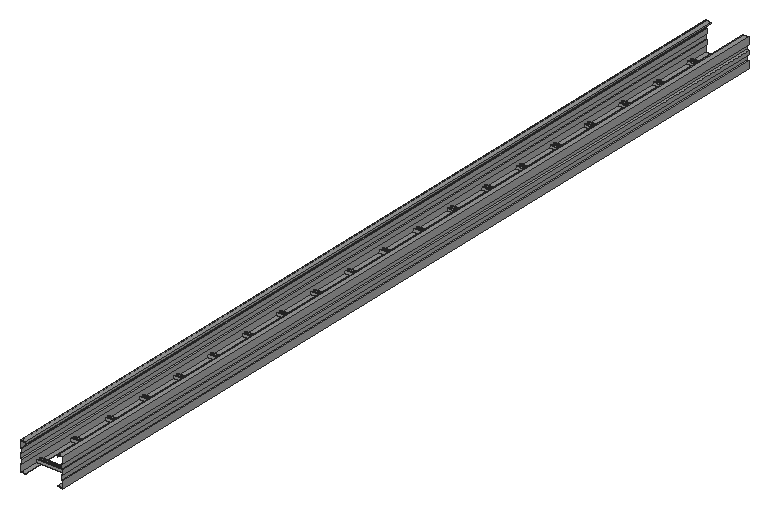
Revit family "Weitspannkabelleiter - WKL 2030 FT", category Generic Models, Revit 2017
Family settings
  Can host rebar = No
  Round Connector Dimension = Use Diameter
  Part Type = Normal
  Work Plane-Based = No
  Always vertical = Yes
  Cut with Voids When Loaded = No
  Shared = No
  Room Calculation Point = No
Parameters (values of type "WKL 2030 FT")
  Width = 300 mm
  URL = "http://www.obo-bettermann.com"
  Material = hot dip galvanised
  Manufacturer Art.No. = "6232104"
  Manufacturer = "OBO BETTERMANN"
  Length = 6000 mm
  GTIN = "4012196614851"
  Cut's number 2 = 19
  Cut's number = 2
  Article Type = "WKL 2030 FT"
Reference planes
  plane 1 "Center (Front/Back)": y = 0
  plane 2: z = 0
  plane 3 "Center (Left/Right)": x = 0
  plane 4: z = 200
  plane 5: z = 46.5
  plane 6: z = 85.8
  plane 7: z = 114.4
  plane 8: z = 153.7
  plane 9: x = 12.5
  plane 10: z = 85.8
  plane 11: z = 120.174
  plane 12: z = 147.926
  plane 13: y = 6000
  plane 14: x = 300
  plane 15: x = 287.5
  plane 16: z = 46.5
  plane 17: z = 85.8
  plane 18: z = 120.174
  plane 19: z = 147.926
  plane 20: z = 200
  plane 21: z = 80.026
  plane 22: z = 52.274
  plane 23: z = 153.7
  plane 24: x = 300
  plane 25: y = 150
  plane 26: y = 450
  plane 27: y = 132.5
  plane 28: y = 167.5
  plane 29: z = 20.5
  plane 30: y = 165.25
  plane 31: y = 134.75
  plane 32: y = 158.25
  plane 33: y = 141.75
  plane 34: y = 450
  plane 35: y = 750
  plane 36: y = 432.5
  plane 37: y = 467.5
  plane 38: z = 20.5
  plane 39: y = 465.25
  plane 40: y = 434.75
  plane 41: y = 458.25
  plane 42: y = 441.75
  plane 43: y = 750
  plane 44: y = 1050
  plane 45: y = 732.5
  plane 46: y = 767.5
  plane 47: z = 20.5
  plane 48: y = 765.25
  plane 49: y = 734.75
  plane 50: y = 758.25
  plane 51: y = 741.75
  plane 52: y = 1050
  plane 53: y = 1350
  plane 54: y = 1032.5
  plane 55: y = 1067.5
  plane 56: z = 20.5
  plane 57: y = 1065.25
  plane 58: y = 1034.75
  plane 59: y = 1058.25
  plane 60: y = 1041.75
  plane 61: y = 1350
  plane 62: y = 1650
  plane 63: y = 1332.5
  plane 64: y = 1367.5
  plane 65: z = 20.5
  plane 66: y = 1365.25
  plane 67: y = 1334.75
  plane 68: y = 1358.25
  plane 69: y = 1341.75
  plane 70: y = 1650
  plane 71: y = 1950
  plane 72: y = 1632.5
  plane 73: y = 1667.5
  plane 74: z = 20.5
  plane 75: y = 1665.25
  plane 76: y = 1634.75
  plane 77: y = 1658.25
  plane 78: y = 1641.75
  plane 79: y = 1950
  plane 80: y = 2250
  plane 81: y = 1932.5
  plane 82: y = 1967.5
  plane 83: z = 20.5
  plane 84: y = 1965.25
  plane 85: y = 1934.75
  plane 86: y = 1958.25
  plane 87: y = 1941.75
  plane 88: y = 2250
  plane 89: y = 2550
  plane 90: y = 2232.5
  plane 91: y = 2267.5
  plane 92: z = 20.5
  plane 93: y = 2265.25
  plane 94: y = 2234.75
  plane 95: y = 2258.25
  plane 96: y = 2241.75
  plane 97: y = 2550
  plane 98: y = 2850
  plane 99: y = 2532.5
  plane 100: y = 2567.5
  plane 101: z = 20.5
  plane 102: y = 2565.25
  plane 103: y = 2534.75
  plane 104: y = 2558.25
  plane 105: y = 2541.75
  plane 106: y = 2850
  plane 107: y = 3150
  plane 108: y = 2832.5
  plane 109: y = 2867.5
  plane 110: z = 20.5
  plane 111: y = 2865.25
  plane 112: y = 2834.75
  plane 113: y = 2858.25
  plane 114: y = 2841.75
  plane 115: y = 3150
  plane 116: y = 3450
  plane 117: y = 3132.5
  plane 118: y = 3167.5
  plane 119: z = 20.5
  plane 120: y = 3165.25
  plane 121: y = 3134.75
  plane 122: y = 3158.25
  plane 123: y = 3141.75
  plane 124: y = 3450
  plane 125: y = 3750
  plane 126: y = 3432.5
  plane 127: y = 3467.5
  plane 128: z = 20.5
  plane 129: y = 3465.25
  plane 130: y = 3434.75
  plane 131: y = 3458.25
  plane 132: y = 3441.75
  plane 133: y = 3750
  plane 134: y = 4050
  plane 135: y = 3732.5
  plane 136: y = 3767.5
  plane 137: z = 20.5
  plane 138: y = 3765.25
  plane 139: y = 3734.75
  plane 140: y = 3758.25
  plane 141: y = 3741.75
  plane 142: y = 4050
  plane 143: y = 4350
  plane 144: y = 4032.5
  plane 145: y = 4067.5
  plane 146: z = 20.5
  plane 147: y = 4065.25
  plane 148: y = 4034.75
  plane 149: y = 4058.25
  plane 150: y = 4041.75
  plane 151: y = 4350
  plane 152: y = 4650
  plane 153: y = 4332.5
  plane 154: y = 4367.5
  plane 155: z = 20.5
  plane 156: y = 4365.25
  plane 157: y = 4334.75
  plane 158: y = 4358.25
  plane 159: y = 4341.75
  plane 160: y = 4650
  plane 161: y = 4950
  plane 162: y = 4632.5
  plane 163: y = 4667.5
  plane 164: z = 20.5
  plane 165: y = 4665.25
  plane 166: y = 4634.75
  plane 167: y = 4658.25
  plane 168: y = 4641.75
  plane 169: y = 4950
  plane 170: y = 5250
  plane 171: y = 4932.5
  plane 172: y = 4967.5
  plane 173: z = 20.5
  plane 174: y = 4965.25
  plane 175: y = 4934.75
  plane 176: y = 4958.25
  plane 177: y = 4941.75
  plane 178: y = 5250
  plane 179: y = 5550
  plane 180: y = 5232.5
  plane 181: y = 5267.5
  plane 182: z = 20.5
  plane 183: y = 5265.25
  plane 184: y = 5234.75
  plane 185: y = 5258.25
  plane 186: y = 5241.75
  plane 187: y = 5550
  plane 188: y = 5850
  plane 189: y = 5532.5
  plane 190: y = 5567.5
  plane 191: z = 20.5
  plane 192: y = 5565.25
  plane 193: y = 5534.75
  plane 194: y = 5558.25
  plane 195: y = 5541.75
  plane 196: y = 5850
  plane 197: y = 6150
  plane 198: y = 5832.5
  plane 199: y = 5867.5
  plane 200: z = 20.5
  plane 201: y = 5865.25
  plane 202: y = 5834.75
  plane 203: y = 5858.25
  plane 204: y = 5841.75
Forms (mm)
  Extrusion 1, solid, material "hot dip galvanised" <- "Material"
    sketch origin (0, 0, 0) x (1, 0, 0) y (0, 0, 1)
      loop
        line (0, 0) -> (40, 0) -> (40, 2.5) -> (2.5, 2.5) -> (2.5, 46.5) -> (12.5, 52.274) -> (12.5, 80.026) -> (2.5, 85.8) -> (2.5, 114.4) -> (12.5, 120.174) -> (12.5, 147.926) -> (2.5, 153.7) -> (2.5, 197.5) -> (37.5, 197.5) -> (37.5, 188.529) -> (40, 188.529) -> (40, 200) -> (0, 200) -> (0, 152.257) -> (10, 146.483) -> (10, 121.617) -> (0, 115.843) -> (0, 84.357) -> (10, 78.583) -> (10, 53.717) -> (0, 47.943) -> (0, 0)
      loop
        line (300, 0) -> (300, 47.655) -> (289.5, 53.717) -> (289.5, 78.493) -> (300, 84.555) -> (300, 115.266) -> (289.5, 121.328) -> (289.5, 146.772) -> (300, 152.834) -> (300, 200) -> (260, 200) -> (260, 188.515) -> (262, 188.515) -> (262, 198) -> (298, 198) -> (298, 153.989) -> (287.5, 147.926) -> (287.5, 120.174) -> (298, 114.111) -> (298, 85.71) -> (287.5, 79.648) -> (287.5, 52.562) -> (298, 46.5) -> (298, 2) -> (260, 2) -> (260, 0) -> (300, 0)
    from 0 to -6000
  Extrusion 2, solid, material "hot dip galvanised" <- "Material"
    sketch origin (0, 0, 0) x (0, 1, 0) y (0, 0, 1)
      loop
        line (132.5, 2.5) -> (167.5, 2.5) -> (165.25, 20.5) -> (158.25, 20.5) -> (158.25, 18.5) -> (163.484, 18.5) -> (165.234, 4.5) -> (134.766, 4.5) -> (136.516, 18.5) -> (141.75, 18.5) -> (141.75, 20.5) -> (134.75, 20.5) -> (132.5, 2.5)
    from 2.5 to 298
  Extrusion 3, solid, material "hot dip galvanised" <- "Material"
    sketch origin (0, 300, 0) x (0, 1, 0) y (0, 0, 1)
      loop
        line (132.5, 2.5) -> (167.5, 2.5) -> (165.25, 20.5) -> (158.25, 20.5) -> (158.25, 18.5) -> (163.484, 18.5) -> (165.234, 4.5) -> (134.766, 4.5) -> (136.516, 18.5) -> (141.75, 18.5) -> (141.75, 20.5) -> (134.75, 20.5) -> (132.5, 2.5)
    from 2.5 to 298
  Extrusion 4, solid, material "hot dip galvanised" <- "Material"
    sketch origin (0, 600, 0) x (0, 1, 0) y (0, 0, 1)
      loop
        line (132.5, 2.5) -> (167.5, 2.5) -> (165.25, 20.5) -> (158.25, 20.5) -> (158.25, 18.5) -> (163.484, 18.5) -> (165.234, 4.5) -> (134.766, 4.5) -> (136.516, 18.5) -> (141.75, 18.5) -> (141.75, 20.5) -> (134.75, 20.5) -> (132.5, 2.5)
    from 2.5 to 298
  Extrusion 5, solid, material "hot dip galvanised" <- "Material"
    sketch origin (0, 900, 0) x (0, 1, 0) y (0, 0, 1)
      loop
        line (132.5, 2.5) -> (167.5, 2.5) -> (165.25, 20.5) -> (158.25, 20.5) -> (158.25, 18.5) -> (163.484, 18.5) -> (165.234, 4.5) -> (134.766, 4.5) -> (136.516, 18.5) -> (141.75, 18.5) -> (141.75, 20.5) -> (134.75, 20.5) -> (132.5, 2.5)
    from 2.5 to 298
  Extrusion 6, solid, material "hot dip galvanised" <- "Material"
    sketch origin (0, 1200, 0) x (0, 1, 0) y (0, 0, 1)
      loop
        line (132.5, 2.5) -> (167.5, 2.5) -> (165.25, 20.5) -> (158.25, 20.5) -> (158.25, 18.5) -> (163.484, 18.5) -> (165.234, 4.5) -> (134.766, 4.5) -> (136.516, 18.5) -> (141.75, 18.5) -> (141.75, 20.5) -> (134.75, 20.5) -> (132.5, 2.5)
    from 2.5 to 298
  Extrusion 7, solid, material "hot dip galvanised" <- "Material"
    sketch origin (0, 1500, 0) x (0, 1, 0) y (0, 0, 1)
      loop
        line (132.5, 2.5) -> (167.5, 2.5) -> (165.25, 20.5) -> (158.25, 20.5) -> (158.25, 18.5) -> (163.484, 18.5) -> (165.234, 4.5) -> (134.766, 4.5) -> (136.516, 18.5) -> (141.75, 18.5) -> (141.75, 20.5) -> (134.75, 20.5) -> (132.5, 2.5)
    from 2.5 to 298
  Extrusion 8, solid, material "hot dip galvanised" <- "Material"
    sketch origin (0, 1800, 0) x (0, 1, 0) y (0, 0, 1)
      loop
        line (132.5, 2.5) -> (167.5, 2.5) -> (165.25, 20.5) -> (158.25, 20.5) -> (158.25, 18.5) -> (163.484, 18.5) -> (165.234, 4.5) -> (134.766, 4.5) -> (136.516, 18.5) -> (141.75, 18.5) -> (141.75, 20.5) -> (134.75, 20.5) -> (132.5, 2.5)
    from 2.5 to 298
  Extrusion 9, solid, material "hot dip galvanised"
    sketch origin (0, 2100, 0) x (0, 1, 0) y (0, 0, 1)
      loop
        line (132.5, 2.5) -> (167.5, 2.5) -> (165.25, 20.5) -> (158.25, 20.5) -> (158.25, 18.5) -> (163.484, 18.5) -> (165.234, 4.5) -> (134.766, 4.5) -> (136.516, 18.5) -> (141.75, 18.5) -> (141.75, 20.5) -> (134.75, 20.5) -> (132.5, 2.5)
    from 2.5 to 298
  Extrusion 10, solid, material "hot dip galvanised" <- "Material"
    sketch origin (0, 2400, 0) x (0, 1, 0) y (0, 0, 1)
      loop
        line (132.5, 2.5) -> (167.5, 2.5) -> (165.25, 20.5) -> (158.25, 20.5) -> (158.25, 18.5) -> (163.484, 18.5) -> (165.234, 4.5) -> (134.766, 4.5) -> (136.516, 18.5) -> (141.75, 18.5) -> (141.75, 20.5) -> (134.75, 20.5) -> (132.5, 2.5)
    from 2.5 to 298
  Extrusion 11, solid, material "hot dip galvanised" <- "Material"
    sketch origin (0, 2700, 0) x (0, 1, 0) y (0, 0, 1)
      loop
        line (132.5, 2.5) -> (167.5, 2.5) -> (165.25, 20.5) -> (158.25, 20.5) -> (158.25, 18.5) -> (163.484, 18.5) -> (165.234, 4.5) -> (134.766, 4.5) -> (136.516, 18.5) -> (141.75, 18.5) -> (141.75, 20.5) -> (134.75, 20.5) -> (132.5, 2.5)
    from 2.5 to 298
  Extrusion 12, solid, material "hot dip galvanised" <- "Material"
    sketch origin (0, 3000, 0) x (0, 1, 0) y (0, 0, 1)
      loop
        line (132.5, 2.5) -> (167.5, 2.5) -> (165.25, 20.5) -> (158.25, 20.5) -> (158.25, 18.5) -> (163.484, 18.5) -> (165.234, 4.5) -> (134.766, 4.5) -> (136.516, 18.5) -> (141.75, 18.5) -> (141.75, 20.5) -> (134.75, 20.5) -> (132.5, 2.5)
    from 2.5 to 298
  Extrusion 13, solid, material "hot dip galvanised" <- "Material"
    sketch origin (0, 3300, 0) x (0, 1, 0) y (0, 0, 1)
      loop
        line (132.5, 2.5) -> (167.5, 2.5) -> (165.25, 20.5) -> (158.25, 20.5) -> (158.25, 18.5) -> (163.484, 18.5) -> (165.234, 4.5) -> (134.766, 4.5) -> (136.516, 18.5) -> (141.75, 18.5) -> (141.75, 20.5) -> (134.75, 20.5) -> (132.5, 2.5)
    from 2.5 to 298
  Extrusion 14, solid, material "hot dip galvanised" <- "Material"
    sketch origin (0, 3600, 0) x (0, 1, 0) y (0, 0, 1)
      loop
        line (132.5, 2.5) -> (167.5, 2.5) -> (165.25, 20.5) -> (158.25, 20.5) -> (158.25, 18.5) -> (163.484, 18.5) -> (165.234, 4.5) -> (134.766, 4.5) -> (136.516, 18.5) -> (141.75, 18.5) -> (141.75, 20.5) -> (134.75, 20.5) -> (132.5, 2.5)
    from 2.5 to 298
  Extrusion 15, solid, material "hot dip galvanised" <- "Material"
    sketch origin (0, 3900, 0) x (0, 1, 0) y (0, 0, 1)
      loop
        line (132.5, 2.5) -> (167.5, 2.5) -> (165.25, 20.5) -> (158.25, 20.5) -> (158.25, 18.5) -> (163.484, 18.5) -> (165.234, 4.5) -> (134.766, 4.5) -> (136.516, 18.5) -> (141.75, 18.5) -> (141.75, 20.5) -> (134.75, 20.5) -> (132.5, 2.5)
    from 2.5 to 298
  Extrusion 16, solid, material "hot dip galvanised" <- "Material"
    sketch origin (0, 4200, 0) x (0, 1, 0) y (0, 0, 1)
      loop
        line (132.5, 2.5) -> (167.5, 2.5) -> (165.25, 20.5) -> (158.25, 20.5) -> (158.25, 18.5) -> (163.484, 18.5) -> (165.234, 4.5) -> (134.766, 4.5) -> (136.516, 18.5) -> (141.75, 18.5) -> (141.75, 20.5) -> (134.75, 20.5) -> (132.5, 2.5)
    from 2.5 to 298
  Extrusion 17, solid, material "hot dip galvanised" <- "Material"
    sketch origin (0, 4500, 0) x (0, 1, 0) y (0, 0, 1)
      loop
        line (132.5, 2.5) -> (167.5, 2.5) -> (165.25, 20.5) -> (158.25, 20.5) -> (158.25, 18.5) -> (163.484, 18.5) -> (165.234, 4.5) -> (134.766, 4.5) -> (136.516, 18.5) -> (141.75, 18.5) -> (141.75, 20.5) -> (134.75, 20.5) -> (132.5, 2.5)
    from 2.5 to 298
  Extrusion 18, solid, material "hot dip galvanised" <- "Material"
    sketch origin (0, 4800, 0) x (0, 1, 0) y (0, 0, 1)
      loop
        line (132.5, 2.5) -> (167.5, 2.5) -> (165.25, 20.5) -> (158.25, 20.5) -> (158.25, 18.5) -> (163.484, 18.5) -> (165.234, 4.5) -> (134.766, 4.5) -> (136.516, 18.5) -> (141.75, 18.5) -> (141.75, 20.5) -> (134.75, 20.5) -> (132.5, 2.5)
    from 2.5 to 298
  Extrusion 19, solid, material "hot dip galvanised" <- "Material"
    sketch origin (0, 5100, 0) x (0, 1, 0) y (0, 0, 1)
      loop
        line (132.5, 2.5) -> (167.5, 2.5) -> (165.25, 20.5) -> (158.25, 20.5) -> (158.25, 18.5) -> (163.484, 18.5) -> (165.234, 4.5) -> (134.766, 4.5) -> (136.516, 18.5) -> (141.75, 18.5) -> (141.75, 20.5) -> (134.75, 20.5) -> (132.5, 2.5)
    from 2.5 to 298
  Extrusion 20, solid, material "hot dip galvanised" <- "Material"
    sketch origin (0, 5400, 0) x (0, 1, 0) y (0, 0, 1)
      loop
        line (132.5, 2.5) -> (167.5, 2.5) -> (165.25, 20.5) -> (158.25, 20.5) -> (158.25, 18.5) -> (163.484, 18.5) -> (165.234, 4.5) -> (134.766, 4.5) -> (136.516, 18.5) -> (141.75, 18.5) -> (141.75, 20.5) -> (134.75, 20.5) -> (132.5, 2.5)
    from 2.5 to 298
  Extrusion 21, solid, material "hot dip galvanised" <- "Material"
    sketch origin (0, 5700, 0) x (0, 1, 0) y (0, 0, 1)
      loop
        line (132.5, 2.5) -> (167.5, 2.5) -> (165.25, 20.5) -> (158.25, 20.5) -> (158.25, 18.5) -> (163.484, 18.5) -> (165.234, 4.5) -> (134.766, 4.5) -> (136.516, 18.5) -> (141.75, 18.5) -> (141.75, 20.5) -> (134.75, 20.5) -> (132.5, 2.5)
    from 2.5 to 298
Dimensions and locks
  locked: plane 5 to level at 46.5
  locked: plane 6 to plane 5 at 39.3
  locked: plane 7 to plane 6 at 28.6
  locked: plane 8 to plane 7 at 39.3
  locked: plane 4 to plane 8 at 46.3
  locked: plane 9 to plane 3 "Center (Left/Right)" at 12.5
  locked: Extrusion 1 sketch curve to Extrusion 1 sketch curve at 40  (x3)
  locked: Extrusion 1 sketch curve to Extrusion 1 sketch curve at 200  (x2)
  locked: Extrusion 1 sketch curve to Extrusion 1 sketch curve at 47.743
  locked: Extrusion 1 sketch curve to Extrusion 1 sketch curve at 31.487
  locked: Extrusion 1 sketch curve to Extrusion 1 sketch curve at 47.943
  locked: Extrusion 1 sketch curve to Extrusion 1 sketch curve at 11.471
  "Length": plane 1 "Center (Front/Back)" to plane 13
  locked: plane 14 to Extrusion 1 sketch curve at 300
  locked: plane 14 to plane 15 at 12.5
  locked: Extrusion 1 sketch curve to Extrusion 1 sketch curve at 275  (x2)
  locked: Extrusion 1 sketch curve to Extrusion 1 sketch curve at 295.5
  Extrusion 1 sketch curve to Extrusion 1 sketch curve = 300 mm
  locked: Extrusion 1 sketch curve to Extrusion 1 sketch curve at 300  (x2)
  Extrusion 1 sketch curve to Extrusion 1 sketch curve = 275 mm
  locked: Extrusion 1 sketch curve to Extrusion 1 sketch curve at 2  (x2)
  locked: plane 14 to Extrusion 1 sketch curve at 12.5  (x2)
  "Width": plane 24 to plane 3 "Center (Left/Right)"
  plane 27 to plane 28 = 35 mm
  Extrusion 2 sketch curve to Extrusion 2 sketch curve = 16.5 mm
  locked: Extrusion 2 sketch curve to Extrusion 2 sketch curve at 30.469
  locked: Extrusion 2 sketch curve to Extrusion 2 sketch curve at 16.5
  plane 36 to plane 37 = 35 mm
  Extrusion 3 sketch curve to Extrusion 3 sketch curve = 16.5 mm
  locked: Extrusion 3 sketch curve to Extrusion 3 sketch curve at 30.469
  locked: Extrusion 3 sketch curve to Extrusion 3 sketch curve at 16.5
  plane 45 to plane 46 = 35 mm
  Extrusion 4 sketch curve to Extrusion 4 sketch curve = 16.5 mm
  locked: Extrusion 4 sketch curve to Extrusion 4 sketch curve at 30.469
  locked: Extrusion 4 sketch curve to Extrusion 4 sketch curve at 16.5
  plane 54 to plane 55 = 35 mm
  Extrusion 5 sketch curve to Extrusion 5 sketch curve = 16.5 mm
  locked: Extrusion 5 sketch curve to Extrusion 5 sketch curve at 30.469
  locked: Extrusion 5 sketch curve to Extrusion 5 sketch curve at 16.5
  plane 63 to plane 64 = 35 mm
  Extrusion 6 sketch curve to Extrusion 6 sketch curve = 16.5 mm
  locked: Extrusion 6 sketch curve to Extrusion 6 sketch curve at 30.469
  locked: Extrusion 6 sketch curve to Extrusion 6 sketch curve at 16.5
  plane 72 to plane 73 = 35 mm
  Extrusion 7 sketch curve to Extrusion 7 sketch curve = 16.5 mm
  locked: Extrusion 7 sketch curve to Extrusion 7 sketch curve at 30.469
  locked: Extrusion 7 sketch curve to Extrusion 7 sketch curve at 16.5
  plane 81 to plane 82 = 35 mm
  Extrusion 8 sketch curve to Extrusion 8 sketch curve = 16.5 mm
  locked: Extrusion 8 sketch curve to Extrusion 8 sketch curve at 30.469
  locked: Extrusion 8 sketch curve to Extrusion 8 sketch curve at 16.5
  plane 90 to plane 91 = 35 mm
  Extrusion 9 sketch curve to Extrusion 9 sketch curve = 16.5 mm
  locked: Extrusion 9 sketch curve to Extrusion 9 sketch curve at 30.469
  locked: Extrusion 9 sketch curve to Extrusion 9 sketch curve at 16.5
  plane 99 to plane 100 = 35 mm
  Extrusion 10 sketch curve to Extrusion 10 sketch curve = 16.5 mm
  locked: Extrusion 10 sketch curve to Extrusion 10 sketch curve at 30.469
  locked: Extrusion 10 sketch curve to Extrusion 10 sketch curve at 16.5
  plane 108 to plane 109 = 35 mm
  Extrusion 11 sketch curve to Extrusion 11 sketch curve = 16.5 mm
  locked: Extrusion 11 sketch curve to Extrusion 11 sketch curve at 30.469
  locked: Extrusion 11 sketch curve to Extrusion 11 sketch curve at 16.5
  plane 117 to plane 118 = 35 mm
  Extrusion 12 sketch curve to Extrusion 12 sketch curve = 16.5 mm
  locked: Extrusion 12 sketch curve to Extrusion 12 sketch curve at 30.469
  locked: Extrusion 12 sketch curve to Extrusion 12 sketch curve at 16.5
  plane 126 to plane 127 = 35 mm
  Extrusion 13 sketch curve to Extrusion 13 sketch curve = 16.5 mm
  locked: Extrusion 13 sketch curve to Extrusion 13 sketch curve at 30.469
  locked: Extrusion 13 sketch curve to Extrusion 13 sketch curve at 16.5
  plane 135 to plane 136 = 35 mm
  Extrusion 14 sketch curve to Extrusion 14 sketch curve = 16.5 mm
  locked: Extrusion 14 sketch curve to Extrusion 14 sketch curve at 30.469
  locked: Extrusion 14 sketch curve to Extrusion 14 sketch curve at 16.5
  plane 144 to plane 145 = 35 mm
  Extrusion 15 sketch curve to Extrusion 15 sketch curve = 16.5 mm
  locked: Extrusion 15 sketch curve to Extrusion 15 sketch curve at 30.469
  locked: Extrusion 15 sketch curve to Extrusion 15 sketch curve at 16.5
  plane 153 to plane 154 = 35 mm
  Extrusion 16 sketch curve to Extrusion 16 sketch curve = 16.5 mm
  locked: Extrusion 16 sketch curve to Extrusion 16 sketch curve at 30.469
  locked: Extrusion 16 sketch curve to Extrusion 16 sketch curve at 16.5
  plane 162 to plane 163 = 35 mm
  Extrusion 17 sketch curve to Extrusion 17 sketch curve = 16.5 mm
  locked: Extrusion 17 sketch curve to Extrusion 17 sketch curve at 30.469
  locked: Extrusion 17 sketch curve to Extrusion 17 sketch curve at 16.5
  plane 171 to plane 172 = 35 mm
  Extrusion 18 sketch curve to Extrusion 18 sketch curve = 16.5 mm
  locked: Extrusion 18 sketch curve to Extrusion 18 sketch curve at 30.469
  locked: Extrusion 18 sketch curve to Extrusion 18 sketch curve at 16.5
  plane 180 to plane 181 = 35 mm
  Extrusion 19 sketch curve to Extrusion 19 sketch curve = 16.5 mm
  locked: Extrusion 19 sketch curve to Extrusion 19 sketch curve at 30.469
  locked: Extrusion 19 sketch curve to Extrusion 19 sketch curve at 16.5
  plane 189 to plane 190 = 35 mm
  Extrusion 20 sketch curve to Extrusion 20 sketch curve = 16.5 mm
  locked: Extrusion 20 sketch curve to Extrusion 20 sketch curve at 30.469
  locked: Extrusion 20 sketch curve to Extrusion 20 sketch curve at 16.5
  plane 198 to plane 199 = 35 mm
  Extrusion 21 sketch curve to Extrusion 21 sketch curve = 16.5 mm
  locked: Extrusion 21 sketch curve to Extrusion 21 sketch curve at 30.469
  locked: Extrusion 21 sketch curve to Extrusion 21 sketch curve at 16.5
  aligned and locked: level to plane 2
  aligned and locked: plane 3 "Center (Left/Right)" to Extrusion 1 sketch curve  (x3)
  aligned and locked: Extrusion 1 to level
  aligned and locked: plane 13 to Extrusion 1
  aligned and locked: plane 1 "Center (Front/Back)" to Extrusion 1
  aligned and locked: Extrusion 1 to plane 3 "Center (Left/Right)"  (x3)
  aligned and locked: Extrusion 1 to Extrusion 1
  aligned and locked: plane 2 to Extrusion 1 sketch curve
  aligned and locked: plane 24 to Extrusion 1
  aligned and locked: Extrusion 2 sketch curve to plane 32
  aligned and locked: Extrusion 2 to Extrusion 1  (x3)
  aligned and locked: Extrusion 3 sketch curve to plane 41
  aligned and locked: Extrusion 4 sketch curve to plane 50
  aligned and locked: Extrusion 5 sketch curve to plane 59
  aligned and locked: Extrusion 6 sketch curve to plane 68
  aligned and locked: Extrusion 7 sketch curve to plane 77
  aligned and locked: Extrusion 8 sketch curve to plane 86
  aligned and locked: Extrusion 9 sketch curve to plane 95
  aligned and locked: Extrusion 10 sketch curve to plane 104
  aligned and locked: Extrusion 11 sketch curve to plane 113
  aligned and locked: Extrusion 12 sketch curve to plane 122
  aligned and locked: Extrusion 13 sketch curve to plane 131
  aligned and locked: Extrusion 14 sketch curve to plane 140
  aligned and locked: Extrusion 15 sketch curve to plane 149
  aligned and locked: Extrusion 16 sketch curve to plane 158
  aligned and locked: Extrusion 17 sketch curve to plane 167
  aligned and locked: Extrusion 18 sketch curve to plane 176
  aligned and locked: Extrusion 19 sketch curve to plane 185
  aligned and locked: Extrusion 20 sketch curve to plane 194
  aligned and locked: Extrusion 21 sketch curve to plane 203
Automatic sketch dimensions
  Extrusion 1 sketch curve to plane 6 = 0 mm
  Extrusion 1 sketch curve to plane 8 = 0 mm
  Extrusion 1 sketch curve to plane 7 = 0 mm
  Extrusion 1 sketch curve to plane 5 = 0 mm  (x2)
  Extrusion 1 sketch curve to level = 0 mm
  Extrusion 1 sketch curve to plane 11 = 0 mm  (x2)
  Extrusion 1 sketch curve to plane 22 = 0 mm
  Extrusion 1 sketch curve to plane 21 = 0 mm
  Extrusion 1 sketch curve to plane 12 = 0 mm  (x2)
  plane 3 "Center (Left/Right)" to Extrusion 1 sketch curve = 2.5 mm  (x2)
  Extrusion 1 sketch curve to plane 9 = 2.5 mm  (x2)
  Extrusion 1 sketch curve to Extrusion 1 sketch curve = 2.5 mm
  plane 9 to Extrusion 1 sketch curve = 27.5 mm
  Extrusion 1 sketch curve to Extrusion 1 sketch curve = 2 mm
  plane 15 to Extrusion 1 sketch curve = 2 mm  (x2)
  plane 8 to Extrusion 1 sketch curve = 0.289 mm
  Extrusion 1 sketch curve to plane 6 = 0.09 mm
  Extrusion 1 sketch curve to plane 14 = 2 mm
  level to Extrusion 1 sketch curve = 2 mm
  level to Extrusion 1 sketch curve = 2.5 mm
  plane 5 to Extrusion 1 sketch curve = 1.155 mm
  plane 22 to Extrusion 1 sketch curve = 0.289 mm
  plane 22 to Extrusion 1 sketch curve = 1.443 mm  (x2)
  Extrusion 1 sketch curve to plane 21 = 1.534 mm
  Extrusion 1 sketch curve to plane 21 = 1.443 mm
  Extrusion 1 sketch curve to plane 21 = 0.379 mm
  Extrusion 1 sketch curve to plane 6 = 1.443 mm
  Extrusion 1 sketch curve to plane 6 = 1.245 mm
  Extrusion 1 sketch curve to plane 7 = 0.289 mm
  plane 7 to Extrusion 1 sketch curve = 0.866 mm
  plane 11 to Extrusion 1 sketch curve = 1.155 mm
  plane 11 to Extrusion 1 sketch curve = 1.443 mm
  Extrusion 1 sketch curve to plane 12 = 1.443 mm
  Extrusion 1 sketch curve to plane 12 = 1.155 mm
  Extrusion 1 sketch curve to plane 8 = 0.866 mm
  Extrusion 1 sketch curve to plane 4 = 11.485 mm
  Extrusion 1 sketch curve to plane 4 = 2.5 mm
  Extrusion 1 sketch curve to plane 4 = 2 mm
  Extrusion 2 sketch curve to plane 27 = 0 mm
  Extrusion 2 sketch curve to plane 31 = 0 mm
  Extrusion 2 sketch curve to plane 30 = 0 mm
  Extrusion 2 sketch curve to plane 28 = 0 mm
  plane 31 to Extrusion 2 sketch curve = 1.766 mm
  Extrusion 2 sketch curve to plane 30 = 1.766 mm
  Extrusion 2 sketch curve to plane 30 = 0.016 mm
  Extrusion 2 sketch curve to plane 29 = 2 mm  (x2)
  Extrusion 2 sketch curve to plane 29 = 0 mm  (x2)
  Extrusion 2 sketch curve to Extrusion 2 sketch curve = 14 mm
  Extrusion 2 sketch curve to Extrusion 2 sketch curve = 2 mm
  Extrusion 3 sketch curve to plane 36 = 0 mm
  Extrusion 3 sketch curve to plane 40 = 0 mm
  Extrusion 3 sketch curve to plane 39 = 0 mm
  Extrusion 3 sketch curve to plane 37 = 0 mm
  plane 40 to Extrusion 3 sketch curve = 1.766 mm
  Extrusion 3 sketch curve to plane 39 = 1.766 mm
  Extrusion 3 sketch curve to plane 39 = 0.016 mm
  Extrusion 3 sketch curve to plane 38 = 2 mm  (x2)
  Extrusion 3 sketch curve to plane 38 = 0 mm  (x2)
  Extrusion 3 sketch curve to Extrusion 3 sketch curve = 14 mm
  Extrusion 3 sketch curve to Extrusion 3 sketch curve = 2 mm
  Extrusion 4 sketch curve to plane 45 = 0 mm
  Extrusion 4 sketch curve to plane 49 = 0 mm
  Extrusion 4 sketch curve to plane 48 = 0 mm
  Extrusion 4 sketch curve to plane 46 = 0 mm
  plane 49 to Extrusion 4 sketch curve = 1.766 mm
  Extrusion 4 sketch curve to plane 48 = 1.766 mm
  Extrusion 4 sketch curve to plane 48 = 0.016 mm
  Extrusion 4 sketch curve to plane 47 = 2 mm  (x2)
  Extrusion 4 sketch curve to plane 47 = 0 mm  (x2)
  Extrusion 4 sketch curve to Extrusion 4 sketch curve = 14 mm
  Extrusion 4 sketch curve to Extrusion 4 sketch curve = 2 mm
  Extrusion 5 sketch curve to plane 54 = 0 mm
  Extrusion 5 sketch curve to plane 58 = 0 mm
  Extrusion 5 sketch curve to plane 57 = 0 mm
  Extrusion 5 sketch curve to plane 55 = 0 mm
  plane 58 to Extrusion 5 sketch curve = 1.766 mm
  Extrusion 5 sketch curve to plane 57 = 1.766 mm
  Extrusion 5 sketch curve to plane 57 = 0.016 mm
  Extrusion 5 sketch curve to plane 56 = 2 mm  (x2)
  Extrusion 5 sketch curve to plane 56 = 0 mm  (x2)
  Extrusion 5 sketch curve to Extrusion 5 sketch curve = 14 mm
  Extrusion 5 sketch curve to Extrusion 5 sketch curve = 2 mm
  Extrusion 6 sketch curve to plane 63 = 0 mm
  Extrusion 6 sketch curve to plane 67 = 0 mm
  Extrusion 6 sketch curve to plane 66 = 0 mm
  Extrusion 6 sketch curve to plane 64 = 0 mm
  plane 67 to Extrusion 6 sketch curve = 1.766 mm
  Extrusion 6 sketch curve to plane 66 = 1.766 mm
  Extrusion 6 sketch curve to plane 66 = 0.016 mm
  Extrusion 6 sketch curve to plane 65 = 2 mm  (x2)
  Extrusion 6 sketch curve to plane 65 = 0 mm  (x2)
  Extrusion 6 sketch curve to Extrusion 6 sketch curve = 14 mm
  Extrusion 6 sketch curve to Extrusion 6 sketch curve = 2 mm
  Extrusion 7 sketch curve to plane 72 = 0 mm
  Extrusion 7 sketch curve to plane 76 = 0 mm
  Extrusion 7 sketch curve to plane 75 = 0 mm
  Extrusion 7 sketch curve to plane 73 = 0 mm
  plane 76 to Extrusion 7 sketch curve = 1.766 mm
  Extrusion 7 sketch curve to plane 75 = 1.766 mm
  Extrusion 7 sketch curve to plane 75 = 0.016 mm
  Extrusion 7 sketch curve to plane 74 = 2 mm  (x2)
  Extrusion 7 sketch curve to plane 74 = 0 mm  (x2)
  Extrusion 7 sketch curve to Extrusion 7 sketch curve = 14 mm
  Extrusion 7 sketch curve to Extrusion 7 sketch curve = 2 mm
  Extrusion 8 sketch curve to plane 81 = 0 mm
  Extrusion 8 sketch curve to plane 85 = 0 mm
  Extrusion 8 sketch curve to plane 84 = 0 mm
  Extrusion 8 sketch curve to plane 82 = 0 mm
  plane 85 to Extrusion 8 sketch curve = 1.766 mm
  Extrusion 8 sketch curve to plane 84 = 1.766 mm
  Extrusion 8 sketch curve to plane 84 = 0.016 mm
  Extrusion 8 sketch curve to plane 83 = 2 mm  (x2)
  Extrusion 8 sketch curve to plane 83 = 0 mm  (x2)
  Extrusion 8 sketch curve to Extrusion 8 sketch curve = 14 mm
  Extrusion 8 sketch curve to Extrusion 8 sketch curve = 2 mm
  Extrusion 9 sketch curve to plane 90 = 0 mm
  Extrusion 9 sketch curve to plane 94 = 0 mm
  Extrusion 9 sketch curve to plane 93 = 0 mm
  Extrusion 9 sketch curve to plane 91 = 0 mm
  plane 94 to Extrusion 9 sketch curve = 1.766 mm
  Extrusion 9 sketch curve to plane 93 = 1.766 mm
  Extrusion 9 sketch curve to plane 93 = 0.016 mm
  Extrusion 9 sketch curve to plane 92 = 2 mm  (x2)
  Extrusion 9 sketch curve to plane 92 = 0 mm  (x2)
  Extrusion 9 sketch curve to Extrusion 9 sketch curve = 14 mm
  Extrusion 9 sketch curve to Extrusion 9 sketch curve = 2 mm
  Extrusion 10 sketch curve to plane 99 = 0 mm
  Extrusion 10 sketch curve to plane 103 = 0 mm
  Extrusion 10 sketch curve to plane 102 = 0 mm
  Extrusion 10 sketch curve to plane 100 = 0 mm
  plane 103 to Extrusion 10 sketch curve = 1.766 mm
  Extrusion 10 sketch curve to plane 102 = 1.766 mm
  Extrusion 10 sketch curve to plane 102 = 0.016 mm
  Extrusion 10 sketch curve to plane 101 = 2 mm  (x2)
  Extrusion 10 sketch curve to plane 101 = 0 mm  (x2)
  Extrusion 10 sketch curve to Extrusion 10 sketch curve = 14 mm
  Extrusion 10 sketch curve to Extrusion 10 sketch curve = 2 mm
  Extrusion 11 sketch curve to plane 108 = 0 mm
  Extrusion 11 sketch curve to plane 112 = 0 mm
  Extrusion 11 sketch curve to plane 111 = 0 mm
  Extrusion 11 sketch curve to plane 109 = 0 mm
  plane 112 to Extrusion 11 sketch curve = 1.766 mm
  Extrusion 11 sketch curve to plane 111 = 1.766 mm
  Extrusion 11 sketch curve to plane 111 = 0.016 mm
  Extrusion 11 sketch curve to plane 110 = 2 mm  (x2)
  Extrusion 11 sketch curve to plane 110 = 0 mm  (x2)
  Extrusion 11 sketch curve to Extrusion 11 sketch curve = 14 mm
  Extrusion 11 sketch curve to Extrusion 11 sketch curve = 2 mm
  Extrusion 12 sketch curve to plane 117 = 0 mm
  Extrusion 12 sketch curve to plane 121 = 0 mm
  Extrusion 12 sketch curve to plane 120 = 0 mm
  Extrusion 12 sketch curve to plane 118 = 0 mm
  plane 121 to Extrusion 12 sketch curve = 1.766 mm
  Extrusion 12 sketch curve to plane 120 = 1.766 mm
  Extrusion 12 sketch curve to plane 120 = 0.016 mm
  Extrusion 12 sketch curve to plane 119 = 2 mm  (x2)
  Extrusion 12 sketch curve to plane 119 = 0 mm  (x2)
  Extrusion 12 sketch curve to Extrusion 12 sketch curve = 14 mm
  Extrusion 12 sketch curve to Extrusion 12 sketch curve = 2 mm
  Extrusion 13 sketch curve to plane 126 = 0 mm
  Extrusion 13 sketch curve to plane 130 = 0 mm
  Extrusion 13 sketch curve to plane 129 = 0 mm
  Extrusion 13 sketch curve to plane 127 = 0 mm
  plane 130 to Extrusion 13 sketch curve = 1.766 mm
  Extrusion 13 sketch curve to plane 129 = 1.766 mm
  Extrusion 13 sketch curve to plane 129 = 0.016 mm
  Extrusion 13 sketch curve to plane 128 = 2 mm  (x2)
  Extrusion 13 sketch curve to plane 128 = 0 mm  (x2)
  Extrusion 13 sketch curve to Extrusion 13 sketch curve = 14 mm
  Extrusion 13 sketch curve to Extrusion 13 sketch curve = 2 mm
  Extrusion 14 sketch curve to plane 135 = 0 mm
  Extrusion 14 sketch curve to plane 139 = 0 mm
  Extrusion 14 sketch curve to plane 138 = 0 mm
  Extrusion 14 sketch curve to plane 136 = 0 mm
  plane 139 to Extrusion 14 sketch curve = 1.766 mm
  Extrusion 14 sketch curve to plane 138 = 1.766 mm
  Extrusion 14 sketch curve to plane 138 = 0.016 mm
  Extrusion 14 sketch curve to plane 137 = 2 mm  (x2)
  Extrusion 14 sketch curve to plane 137 = 0 mm  (x2)
  Extrusion 14 sketch curve to Extrusion 14 sketch curve = 14 mm
  Extrusion 14 sketch curve to Extrusion 14 sketch curve = 2 mm
  Extrusion 15 sketch curve to plane 144 = 0 mm
  Extrusion 15 sketch curve to plane 148 = 0 mm
  Extrusion 15 sketch curve to plane 147 = 0 mm
  Extrusion 15 sketch curve to plane 145 = 0 mm
  plane 148 to Extrusion 15 sketch curve = 1.766 mm
  Extrusion 15 sketch curve to plane 147 = 1.766 mm
  Extrusion 15 sketch curve to plane 147 = 0.016 mm
  Extrusion 15 sketch curve to plane 146 = 2 mm  (x2)
  Extrusion 15 sketch curve to plane 146 = 0 mm  (x2)
  Extrusion 15 sketch curve to Extrusion 15 sketch curve = 14 mm
  Extrusion 15 sketch curve to Extrusion 15 sketch curve = 2 mm
  Extrusion 16 sketch curve to plane 153 = 0 mm
  Extrusion 16 sketch curve to plane 157 = 0 mm
  Extrusion 16 sketch curve to plane 156 = 0 mm
  Extrusion 16 sketch curve to plane 154 = 0 mm
  plane 157 to Extrusion 16 sketch curve = 1.766 mm
  Extrusion 16 sketch curve to plane 156 = 1.766 mm
  Extrusion 16 sketch curve to plane 156 = 0.016 mm
  Extrusion 16 sketch curve to plane 155 = 2 mm  (x2)
  Extrusion 16 sketch curve to plane 155 = 0 mm  (x2)
  Extrusion 16 sketch curve to Extrusion 16 sketch curve = 14 mm
  Extrusion 16 sketch curve to Extrusion 16 sketch curve = 2 mm
  Extrusion 17 sketch curve to plane 162 = 0 mm
  Extrusion 17 sketch curve to plane 166 = 0 mm
  Extrusion 17 sketch curve to plane 165 = 0 mm
  Extrusion 17 sketch curve to plane 163 = 0 mm
  plane 166 to Extrusion 17 sketch curve = 1.766 mm
  Extrusion 17 sketch curve to plane 165 = 1.766 mm
  Extrusion 17 sketch curve to plane 165 = 0.016 mm
  Extrusion 17 sketch curve to plane 164 = 2 mm  (x2)
  Extrusion 17 sketch curve to plane 164 = 0 mm  (x2)
  Extrusion 17 sketch curve to Extrusion 17 sketch curve = 14 mm
  Extrusion 17 sketch curve to Extrusion 17 sketch curve = 2 mm
  Extrusion 18 sketch curve to plane 171 = 0 mm
  Extrusion 18 sketch curve to plane 175 = 0 mm
  Extrusion 18 sketch curve to plane 174 = 0 mm
  Extrusion 18 sketch curve to plane 172 = 0 mm
  plane 175 to Extrusion 18 sketch curve = 1.766 mm
  Extrusion 18 sketch curve to plane 174 = 1.766 mm
  Extrusion 18 sketch curve to plane 174 = 0.016 mm
  Extrusion 18 sketch curve to plane 173 = 2 mm  (x2)
  Extrusion 18 sketch curve to plane 173 = 0 mm  (x2)
  Extrusion 18 sketch curve to Extrusion 18 sketch curve = 14 mm
  Extrusion 18 sketch curve to Extrusion 18 sketch curve = 2 mm
  Extrusion 19 sketch curve to plane 180 = 0 mm
  Extrusion 19 sketch curve to plane 184 = 0 mm
  Extrusion 19 sketch curve to plane 183 = 0 mm
  Extrusion 19 sketch curve to plane 181 = 0 mm
  plane 184 to Extrusion 19 sketch curve = 1.766 mm
  Extrusion 19 sketch curve to plane 183 = 1.766 mm
  Extrusion 19 sketch curve to plane 183 = 0.016 mm
  Extrusion 19 sketch curve to plane 182 = 2 mm  (x2)
  Extrusion 19 sketch curve to plane 182 = 0 mm  (x2)
  Extrusion 19 sketch curve to Extrusion 19 sketch curve = 14 mm
  Extrusion 19 sketch curve to Extrusion 19 sketch curve = 2 mm
  Extrusion 20 sketch curve to plane 189 = 0 mm
  Extrusion 20 sketch curve to plane 193 = 0 mm
  Extrusion 20 sketch curve to plane 192 = 0 mm
  Extrusion 20 sketch curve to plane 190 = 0 mm
  plane 193 to Extrusion 20 sketch curve = 1.766 mm
  Extrusion 20 sketch curve to plane 192 = 1.766 mm
  Extrusion 20 sketch curve to plane 192 = 0.016 mm
  Extrusion 20 sketch curve to plane 191 = 2 mm  (x2)
  Extrusion 20 sketch curve to plane 191 = 0 mm  (x2)
  Extrusion 20 sketch curve to Extrusion 20 sketch curve = 14 mm
  Extrusion 20 sketch curve to Extrusion 20 sketch curve = 2 mm
  Extrusion 21 sketch curve to plane 198 = 0 mm
  Extrusion 21 sketch curve to plane 202 = 0 mm
  Extrusion 21 sketch curve to plane 201 = 0 mm
  Extrusion 21 sketch curve to plane 199 = 0 mm
  plane 202 to Extrusion 21 sketch curve = 1.766 mm
  Extrusion 21 sketch curve to plane 201 = 1.766 mm
  Extrusion 21 sketch curve to plane 201 = 0.016 mm
  Extrusion 21 sketch curve to plane 200 = 2 mm  (x2)
  Extrusion 21 sketch curve to plane 200 = 0 mm  (x2)
  Extrusion 21 sketch curve to Extrusion 21 sketch curve = 14 mm
  Extrusion 21 sketch curve to Extrusion 21 sketch curve = 2 mm
